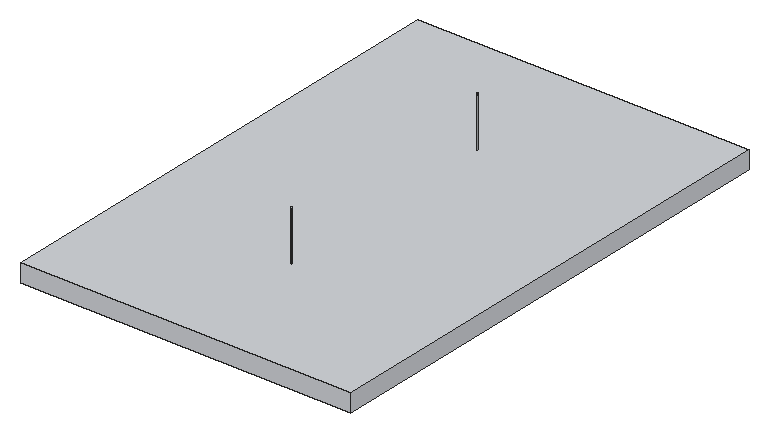
Revit family "ABRFB1480xxWSxM9x-SEN", category Leuchten, Revit 2020
Family settings
  Basisbauteil = Fläche
  Bemaßung runder Anschluss = Durchmesser verwenden
  Teiletyp = Normal
  OmniClass-Nummer = 23.80.70.11
  OmniClass-Titel = Luminaries for Internal Lighting
  Beim Laden mit Abzugskörper schneiden = Nein
  Lichtquelle = Ja
  Gemeinsam genutzt = Nein
  Raumberechnungspunkt = Nein
Parameters (values of type "ABRFB1480DAWS840M9S0600-SEN")
  width = 131 mm  # constant formula
  weight = "4,69kg"
  voltage type (AC, DC, UC) = "AC"
  suspension hight [instance] = 300 mm
  rated input power = 41  # constant formula
  product name = "ABRFB1480DAWS840M9S0600-SEN"
  nominal voltage = "230"
  nominal frequency = "50-60Hz"
  length = 1480 mm  # constant formula
  ingress protection (IP) code = "IP20"
  height = 60 mm  # constant formula
  electrical safety class = "1"
  control gear = ""
  conformity mark = "CE"  # constant formula
  brand = "RIDI"
  approval mark = ""
  built-in parameter 1150104 = 13.8 (stored number, unit not read)
  Wattage = 41.9073 W
  Von Breite des Rechtecks ausssenden = 1440 mm  # constant formula
  Von Länge des Rechtecks aussenden = 92 mm  # constant formula
  Default Elevation = 0 mm
  built-in parameter 1150113 = 1 (stored number, unit not read)
  built-in parameter 1114218 = 1 (stored number, unit not read)
  URL = "www.ridi.de"
  built-in parameter 1150134 = 12
  built-in parameter 1150109 = 1 (stored number, unit not read)
  built-in parameter 1150110 = 1 (stored number, unit not read)
  Apparent Load = 41 VA  # constant formula
  Tilt Angle = 90.00°
  Modell = "0637872"
  built-in parameter 1114217 = 1 (stored number, unit not read)
  built-in parameter 1150139 = (empty or 0)
  built-in parameter 1150105 = 495.37 (stored number, unit not read)
  built-in parameter 1150114 = 1 (stored number, unit not read)
  Lumens = 6225 lm
  built-in parameter 1150115 = 1 (stored number, unit not read)
  built-in parameter 1150112 = 1 (stored number, unit not read)
  Lampe = "LED"
  Hersteller = "RIDI Leuchten GmbH"  # constant formula
  Dimming Lamp Color Temperature Shift = (empty or 0)
  Color Filter = 16777215
  built-in parameter 1150133 = 10 (stored number, unit not read)
  Emit Shape Visible in Rendering = no
  built-in parameter 1150137 = (empty or 0)
  built-in parameter 1150132 = 2
  Datei für fotometrisches Netz = "xxxM9Sxxx.IES"
  Copyright = "© RIDI. All rights reserved."  # constant formula
  built-in parameter 1150106 = 4.9537 (stored number, unit not read)
  Baugruppenkennzeichen = "D5020200"
  built-in parameter 1150107 = 4000 (stored number, unit not read)
  built-in parameter 1150102 = (empty or 0)
  built-in parameter 1150138 = (empty or 0)
Reference planes
  plane 1 "Mitte (Vorne/hinten)": y = 0
  plane 2: z = 0
  plane 3 "Mitte (Links/rechts)": x = 0
  plane 4: z = 300
Forms (mm)
  Extrusion 1, solid
    sketch origin (219.2, 280.8, 0) x (1, 0, 0) y (0, 1, 0)
      loop
        line (-1219.2, 1219.2) -> (-1219.2, -1780.8) -> (780.8, -1780.8) -> (780.8, 1219.2) -> (-1219.2, 1219.2)
    from 0 to -107.307
  Extrusion 2, solid
    sketch origin (0, 0, 0) x (1, 0, 0) y (0, 1, 0)
      loop
        circle (0, -700) r 2
      loop
        circle (0, 700) r 2
    from 0 to 305.5
Dimensions and locks
  "suspension hight": plane 4 to Extrusion 1
  locked: Extrusion 2 sketch curve to plane 1 "Mitte (Vorne/hinten)" at 700
  locked: plane 1 "Mitte (Vorne/hinten)" to Extrusion 2 sketch curve at 700
  aligned and locked: plane 2 to Extrusion 1
  aligned and locked: imposter light to plane 3 "Mitte (Links/rechts)"
  aligned and locked: imposter light to import instance
  aligned and locked: import instance to plane 4
  aligned and locked: Extrusion 2 to import instance
Automatic sketch dimensions
  Extrusion 1 sketch curve to Extrusion 1 sketch curve = 2000 mm
  Extrusion 1 sketch curve to Extrusion 1 sketch curve = 3000 mm
  Extrusion 2 sketch curve to plane 3 "Mitte (Links/rechts)" = 0 mm  (x2)
  radius of Extrusion 2 sketch curve = 2 mm  (x2)
Connectors
  electrical at (0, -12, 301.33), driven by "Apparent Load"
    settings: on import instance, index 1, voltage 230 V, apparent load 0 VA, apparent load phase1 41 VA, apparent load phase2 0 VA, apparent load phase3 0 VA, power factor 1, load classification "Lighting", number of poles 1, system type 31, power factor state 1, is connector primary yes, connector utility no, sub classification motor no, connector description ""
